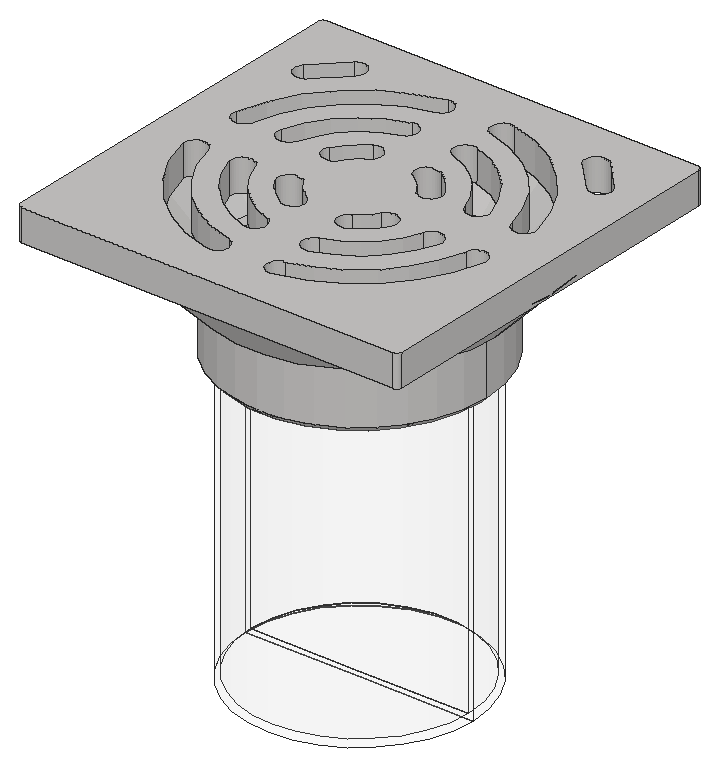
Revit family "PlumbingFixture_Drain_Galvin_DIS", category Plumbing Fixtures, host Face, Revit 2011
Parameters (values of type "DI4M06SX - ST/ST 316")
  URL = "www.galvinengineering.com.au"
  Type Comments = "Square"
  StyleOrType_ANZRS = "Drain"
  ModifiedIssue_ANZRS = 20140526.01  # constant formula
  Model = "DI4M06SX - ST/ST 316"
  Manufacturer = "Galvin Engineering"
  Keynote = "10800"
  Instructions = "http://www.galvinengineering.com.au/Installation_Guides_1.aspx"
  GrateMaterial = Metal_Drains_Stainless-Steel_15400
  FilterObject_ANZRS = "DISX"
  OutletRadius_DoNotEdit = 50 mm
  DimTop = 150 mm  # constant formula
  DimOutlet = if(OutletRadius_DoNotEdit > 0 mm, (OutletRadius_DoNotEdit * 2), (OutletRadius_DoNotEdit * 2))  # 100 mm
  DimGrateStrainer = 114 mm
  DimGrateHeight = 34 mm  # constant formula
  DimGrateDepth = 25 mm  # constant formula
  Description = "Square Industrial Trap Combination"
  Default Elevation = 0 mm
  CreatedBy_ANZRS = "Galvin Engineering"
  CreatedByURL_ANZRS = "www.galvinengineering.com.au"
  CreatedByPhoneNo_ANZRS = "61-8-92495900"
  Circulation_ANZRS = yes
  CHWFlow_ANZRS = 2.8 L/s
  BodyMaterial = Metal_Drains_Perforated_15400
  Assembly Code = "D2040200"
  Application = "PVC/HDPE/Cu"
Types (3, lengths in mm): name | Model | DimGrateStrainer
  (no name) | "DI4M06SX - ST/ST 316" | 114
  DI4M06SX - ST/ST 316 | "DI4M06SX - ST/ST 316" | 114
  DI4S06SX - ST/ST 316 | "DI4S06SX - ST/ST 316" | 95
Reference planes
  plane 1 "Center (Front/Back)": y = 0
  plane 2 "Face": z = 0
  plane 3 "Center (Left/Right)": x = 0
  plane 4 "Strainer": z = -59
  plane 5 "Bottom": z = -173
  plane 6 "GrateHeight": z = -34
  plane 7 "Left": x = -75
  plane 8 "Right": x = 75
Forms (mm)
  Revolve 1, solid, material "Metal_Drains_Stainless-Steel_15400" <- "GrateMaterial"
    sketch origin (0, 0, 0) x (1, 0, 0) y (0, 0, 1)
      loop
        line (50, -34) -> (53.721, -34) -> (74.5, -12.439) -> (71.722, -12.439) -> (52.871, -32) -> (48, -32) -> (48, -57) -> (42.876, -57) -> (42.876, -59) -> (48, -59) -> (50, -57) -> (50, -34)
      axis (0, -12.439) -> (0, -59)
    angle from 0 to 360
  Extrusion 2, solid, material "Metal_Drains_Stainless-Steel_15400" <- "GrateMaterial"
    sketch origin (0, 0, 0) x (1, 0, 0) y (0, 1, 0)
      loop
        line (-75, 73) -> (-75, -73)
        arc (-75, -73) -> (-74.414, -74.414) -> (-73, -75) r 2
        line (-73, -75) -> (73, -75)
        arc (73, -75) -> (74.414, -74.414) -> (75, -73) r 2
        line (75, -73) -> (75, 73)
        arc (75, 73) -> (74.414, 74.414) -> (73, 75) r 2
        line (73, 75) -> (-73, 75)
        arc (-73, 75) -> (-74.414, 74.414) -> (-75, 73) r 2
      loop
        arc (-50.375, 60.101) -> (-56.206, 54.673) -> (-61.457, 48.683) r 78.5
        arc (-61.457, 48.683) -> (-60.718, 42.362) -> (-54.397, 43.101) r 4.5
        arc (-54.397, 43.101) -> (-49.748, 48.405) -> (-44.585, 53.21) r 69.5
        arc (-44.585, 53.21) -> (-44.035, 59.55) -> (-50.375, 60.101) r 4.5
      loop
        arc (-12.942, 59.584) -> (-43.01, 43.134) -> (-59.46, 13.065) r 61
        arc (-59.46, 13.065) -> (-56.029, 7.706) -> (-50.669, 11.138) r 4.5
        arc (-50.669, 11.138) -> (-36.646, 36.77) -> (-11.014, 50.793) r 52
        arc (-11.014, 50.793) -> (-7.582, 56.153) -> (-12.942, 59.584) r 4.5
      loop
        arc (-12.808, 41.533) -> (-30.635, 30.759) -> (-41.409, 12.932) r 43.5
        arc (-41.409, 12.932) -> (-38.451, 7.298) -> (-32.816, 10.257) r 4.5
        arc (-32.816, 10.257) -> (-24.271, 24.395) -> (-10.133, 32.94) r 34.5
        arc (-10.133, 32.94) -> (-7.174, 38.574) -> (-12.808, 41.533) r 4.5
      loop
        arc (-13.222, 22.894) -> (-18.614, 18.738) -> (-22.77, 13.346) r 26.5
        arc (-22.77, 13.346) -> (-21.149, 7.192) -> (-14.995, 8.813) r 4.5
        arc (-14.995, 8.813) -> (-12.25, 12.374) -> (-8.689, 15.119) r 17.5
        arc (-8.689, 15.119) -> (-7.068, 21.273) -> (-13.222, 22.894) r 4.5
      loop
        arc (-59.46, -13.065) -> (-43.01, -43.134) -> (-12.942, -59.584) r 61
        arc (-12.942, -59.584) -> (-7.582, -56.153) -> (-11.014, -50.793) r 4.5
        arc (-11.014, -50.793) -> (-36.646, -36.77) -> (-50.669, -11.138) r 52
        arc (-50.669, -11.138) -> (-56.029, -7.706) -> (-59.46, -13.065) r 4.5
      loop
        arc (-41.409, -12.932) -> (-30.635, -30.759) -> (-12.808, -41.533) r 43.5
        arc (-12.808, -41.533) -> (-7.174, -38.574) -> (-10.133, -32.94) r 4.5
        arc (-10.133, -32.94) -> (-24.271, -24.395) -> (-32.816, -10.257) r 34.5
        arc (-32.816, -10.257) -> (-38.451, -7.298) -> (-41.409, -12.932) r 4.5
      loop
        arc (-22.77, -13.346) -> (-18.614, -18.738) -> (-13.222, -22.894) r 26.5
        arc (-13.222, -22.894) -> (-7.068, -21.273) -> (-8.689, -15.119) r 4.5
        arc (-8.689, -15.119) -> (-12.25, -12.374) -> (-14.995, -8.813) r 17.5
        arc (-14.995, -8.813) -> (-21.149, -7.192) -> (-22.77, -13.346) r 4.5
      loop
        arc (15.243, 8.813) -> (21.397, 7.192) -> (23.018, 13.346) r 4.5
        arc (23.018, 13.346) -> (18.862, 18.738) -> (13.47, 22.894) r 26.5
        arc (13.47, 22.894) -> (7.316, 21.273) -> (8.937, 15.119) r 4.5
        arc (8.937, 15.119) -> (12.498, 12.374) -> (15.243, 8.813) r 17.5
      loop
        arc (33.064, 10.257) -> (38.698, 7.298) -> (41.657, 12.932) r 4.5
        arc (41.657, 12.932) -> (30.883, 30.759) -> (13.056, 41.533) r 43.5
        arc (13.056, 41.533) -> (7.422, 38.574) -> (10.381, 32.94) r 4.5
        arc (10.381, 32.94) -> (24.519, 24.395) -> (33.064, 10.257) r 34.5
      loop
        arc (50.917, 11.138) -> (56.277, 7.706) -> (59.708, 13.065) r 4.5
        arc (59.708, 13.065) -> (43.257, 43.134) -> (13.189, 59.584) r 61
        arc (13.189, 59.584) -> (7.83, 56.153) -> (11.262, 50.793) r 4.5
        arc (11.262, 50.793) -> (36.893, 36.77) -> (50.917, 11.138) r 52
      loop
        arc (54.645, 43.101) -> (60.966, 42.362) -> (61.705, 48.683) r 4.5
        arc (61.705, 48.683) -> (56.454, 54.673) -> (50.623, 60.101) r 78.5
        arc (50.623, 60.101) -> (44.283, 59.55) -> (44.833, 53.21) r 4.5
        arc (44.833, 53.21) -> (49.996, 48.405) -> (54.645, 43.101) r 69.5
      loop
        arc (8.937, -15.119) -> (7.316, -21.273) -> (13.47, -22.894) r 4.5
        arc (13.47, -22.894) -> (18.862, -18.738) -> (23.018, -13.346) r 26.5
        arc (23.018, -13.346) -> (21.397, -7.192) -> (15.243, -8.813) r 4.5
        arc (15.243, -8.813) -> (12.498, -12.374) -> (8.937, -15.119) r 17.5
      loop
        arc (10.381, -32.94) -> (7.422, -38.574) -> (13.056, -41.533) r 4.5
        arc (13.056, -41.533) -> (30.883, -30.759) -> (41.657, -12.932) r 43.5
        arc (41.657, -12.932) -> (38.698, -7.298) -> (33.064, -10.257) r 4.5
        arc (33.064, -10.257) -> (24.519, -24.395) -> (10.381, -32.94) r 34.5
      loop
        arc (11.262, -50.793) -> (7.83, -56.153) -> (13.189, -59.584) r 4.5
        arc (13.189, -59.584) -> (43.257, -43.134) -> (59.708, -13.065) r 61
        arc (59.708, -13.065) -> (56.277, -7.706) -> (50.917, -11.138) r 4.5
        arc (50.917, -11.138) -> (36.893, -36.77) -> (11.262, -50.793) r 52
    from 0 to -12.439
  Revolve 3, solid, material "Metal_Drains_Perforated_15400" <- "BodyMaterial"
    sketch origin (0, 0, 0) x (1, 0, 0) y (0, 0, 1)
      loop
        line (44.876, -59) -> (42.876, -59) -> (42.876, -171) -> (0, -171) -> (0, -173) -> (44.876, -173) -> (44.876, -59)
      axis (0, -59) -> (0, -173)
    angle from 0 to 360
  Revolve 4, void
    sketch origin (0, 0, 0) x (1, 0, 0) y (0, 0, 1)
      loop
        line (50, -34) -> (53.721, -34) -> (74.5, -12.439) -> (0, -12.439) -> (0, -173) -> (44.876, -173) -> (44.876, -59) -> (48, -59) -> (50, -57) -> (50, -34)
      axis (0, -12.439) -> (0, -173)
    angle from 0 to 360
  Extrusion 5, void
    sketch origin (0, 0, 0) x (1, 0, 0) y (0, 1, 0)
      loop
        line (-75, 73) -> (-75, -73)
        arc (-75, -73) -> (-74.414, -74.414) -> (-73, -75) r 2
        line (-73, -75) -> (73, -75)
        arc (73, -75) -> (74.414, -74.414) -> (75, -73) r 2
        line (75, -73) -> (75, 73)
        arc (75, 73) -> (74.414, 74.414) -> (73, 75) r 2
        line (73, 75) -> (-73, 75)
        arc (-73, 75) -> (-74.414, 74.414) -> (-75, 73) r 2
    from 0 to -12.439
Lines and regions (mm)
  symbolic lines, style "Waste Outlets"
    curve 1: line (66.124, 68, 0) -> (-65, 68, 0)
    curve 2: arc (-65, 68, 0) -> (-67.121, 67.121, 0) -> (-68, 65, 0) r 3
    curve 3: line (-68, 65, 0) -> (-68, -65, 0)
    curve 4: arc (-68, -65, 0) -> (-67.121, -67.121, 0) -> (-65, -68, 0) r 3
    curve 5: line (-65, -68, 0) -> (66.124, -68, 0)
    curve 6: arc (66.124, -68, 0) -> (67.807, -66.966, 0) -> (68, -65, 0) r 2.22
    curve 7: line (68, -65, 0) -> (68, 65, 0)
    curve 8: arc (68, 65, 0) -> (67.807, 66.966, 0) -> (66.124, 68, 0) r 2.22
    curve 10: circle (-58.876, -59, 0) r 5.67 normal (0, 0, 1)
    curve 12: circle (59.124, -59, 0) r 5.67 normal (0, 0, 1)
  symbolic lines, style "Waste Outlets", detail levels fine
    curve 9: line (-66.936, 65.5, 0) -> (67, 65.5, 0)
    curve 14: line (67, -65, 0) -> (67, 65.5, 0)
    curve 15: line (-65, -67, 0) -> (66.124, -67, 0)
    curve 16: arc (66.124, -67, 0) -> (67.099, -66.235, 0) -> (67, -65, 0) r 1.31
    curve 17: arc (-67, -65, 0) -> (-66.414, -66.414, 0) -> (-65, -67, 0) r 2
    curve 18: line (-67, 65, 0) -> (-67, -65, 0)
  symbolic lines, style "Waste Outlets", detail levels medium+fine
    curve 11: circle (-58.876, -59, 0) r 2.31 normal (0, 0, 1)
    curve 13: circle (59.124, -59, 0) r 2.31 normal (0, 0, 1)
Dimensions and locks
  "DimGrateStrainer": plane 4 "Strainer" to plane 5 "Bottom"
  "DimGrateHeight": plane 2 "Face" to plane 6 "GrateHeight"
  "DimGrateDepth": plane 6 "GrateHeight" to plane 4 "Strainer"
  "DimTop": plane 7 "Left" to plane 8 "Right"
  aligned and locked: plane 2 "Face" to host face
  aligned and locked: level to host face
  aligned and locked: Revolve 3 to plane 4 "Strainer"
  aligned and locked: plane 5 "Bottom" to Revolve 3 sketch curve
  aligned and locked: Revolve 4 sketch curve to plane 5 "Bottom"
Automatic sketch dimensions
  curve 4 to curve 17 = 0 mm  (x2)
  curve 10 to curve 11 = 0 mm  (x2)
  curve 12 to curve 13 = 0 mm  (x2)
  curve 3 to plane 3 "Center (Left/Right)" = 68 mm
  curve 2 to curve 18 = 1 mm
  curve 18 to curve 9 = 0.064 mm
  curve 17 to curve 4 = 2 mm
  curve 9 to curve 2 = 1.936 mm
  curve 4 to curve 11 = 6.124 mm
  plane 3 "Center (Left/Right)" to curve 13 = 59.124 mm
  curve 12 to curve 16 = 6.774 mm
  plane 3 "Center (Left/Right)" to curve 8 = 65.924 mm
  curve 16 to curve 6 = 0.026 mm
  curve 8 to curve 8 = 0.2 mm
  curve 6 to curve 16 = 0.2 mm
  curve 5 to curve 16 = 0 mm
  curve 16 to curve 14 = 1.102 mm
  curve 14 to curve 7 = 1 mm
  plane 1 "Center (Front/Back)" to curve 5 = 68 mm
  curve 15 to curve 6 = 1.211 mm
  curve 6 to curve 16 = 0.079 mm
  curve 16 to curve 13 = 6.709 mm
  curve 4 to curve 10 = 6 mm
  curve 7 to plane 1 "Center (Front/Back)" = 65 mm
  curve 2 to plane 1 "Center (Front/Back)" = 65 mm
  curve 2 to curve 18 = 0 mm
  curve 18 to curve 9 = 0.5 mm
  host sketch curve to host sketch curve = 400 mm  (x2)
  Revolve 1 sketch curve to plane 3 "Center (Left/Right)" = 0 mm
  Revolve 1 sketch curve to plane 4 "Strainer" = 0 mm
  plane 3 "Center (Left/Right)" to Revolve 1 sketch curve = 42.876 mm
  Revolve 1 sketch curve to plane 4 "Strainer" = 2 mm  (x2)
  Revolve 1 sketch curve to Revolve 1 sketch curve = 5.124 mm
  Revolve 1 sketch curve to Revolve 1 sketch curve = 0 mm
  Revolve 1 sketch curve to Revolve 1 sketch curve = 2 mm  (x2)
  Revolve 1 sketch curve to Revolve 1 sketch curve = 2.871 mm
  Revolve 1 sketch curve to Revolve 1 sketch curve = 0.85 mm
  Revolve 1 sketch curve to level = 12.439 mm
  Revolve 1 sketch curve to Revolve 1 sketch curve = 18.852 mm
  Revolve 1 sketch curve to Revolve 1 sketch curve = 2.778 mm
  plane 4 "Strainer" to Revolve 1 sketch curve = 8.509 mm
  Revolve 1 sketch curve to Revolve 1 sketch curve = 23 mm
  level to Revolve 1 sketch curve = 17.491 mm
  Extrusion 2 sketch curve to Extrusion 2 sketch curve = 0 mm  (x800)
  plane 1 "Center (Front/Back)" to Extrusion 2 sketch curve = 0 mm
  Extrusion 2 sketch curve to plane 3 "Center (Left/Right)" = 75 mm
  Extrusion 2 sketch curve to Extrusion 2 sketch curve = 2 mm  (x3)
  Extrusion 2 sketch curve to Extrusion 2 sketch curve = 11.543 mm
  Extrusion 2 sketch curve to Extrusion 2 sketch curve = 1.997 mm
  Extrusion 2 sketch curve to Extrusion 2 sketch curve = 3.53 mm  (x2)
  Extrusion 2 sketch curve to Extrusion 2 sketch curve = 4.396 mm  (x4)
  Extrusion 2 sketch curve to Extrusion 2 sketch curve = 11.082 mm
  Extrusion 2 sketch curve to Extrusion 2 sketch curve = 2.895 mm  (x2)
  Extrusion 2 sketch curve to Extrusion 2 sketch curve = 9.26 mm  (x4)
  Extrusion 2 sketch curve to Extrusion 2 sketch curve = 4.297 mm  (x4)
  Extrusion 2 sketch curve to Extrusion 2 sketch curve = 10.046 mm  (x4)
  Extrusion 2 sketch curve to Extrusion 2 sketch curve = 3.888 mm  (x4)
  Extrusion 2 sketch curve to Extrusion 2 sketch curve = 5.66 mm  (x2)
  Extrusion 2 sketch curve to plane 3 "Center (Left/Right)" = 12.942 mm  (x2)
  Extrusion 2 sketch curve to Extrusion 2 sketch curve = 1.795 mm  (x6)
  Extrusion 2 sketch curve to Extrusion 2 sketch curve = 0.964 mm  (x4)
  Extrusion 2 sketch curve to Extrusion 2 sketch curve = 1.338 mm  (x4)
  Extrusion 2 sketch curve to Extrusion 2 sketch curve = 2.266 mm  (x4)
  plane 3 "Center (Left/Right)" to Extrusion 2 sketch curve = 8.937 mm  (x2)
  plane 3 "Center (Left/Right)" to Extrusion 2 sketch curve = 10.381 mm  (x2)
  plane 3 "Center (Left/Right)" to Extrusion 2 sketch curve = 11.262 mm  (x2)
  Extrusion 2 sketch curve to Extrusion 2 sketch curve = 6.305 mm  (x2)
  Extrusion 2 sketch curve to Extrusion 2 sketch curve = 31.644 mm
  Extrusion 2 sketch curve to Extrusion 2 sketch curve = 9.812 mm
  Extrusion 2 sketch curve to Extrusion 2 sketch curve = 59.811 mm
  Extrusion 2 sketch curve to Extrusion 2 sketch curve = 22.377 mm
  plane 1 "Center (Front/Back)" to Extrusion 2 sketch curve = 8.813 mm  (x2)
  plane 1 "Center (Front/Back)" to Extrusion 2 sketch curve = 10.257 mm  (x2)
  Extrusion 2 sketch curve to Extrusion 2 sketch curve = 59.935 mm
  Extrusion 2 sketch curve to plane 1 "Center (Front/Back)" = 8.813 mm  (x2)
  Extrusion 2 sketch curve to plane 1 "Center (Front/Back)" = 10.257 mm  (x2)
  Extrusion 2 sketch curve to Extrusion 2 sketch curve = 30.036 mm  (x2)
  Extrusion 2 sketch curve to Extrusion 2 sketch curve = 12.899 mm
  Revolve 3 sketch curve to plane 3 "Center (Left/Right)" = 0 mm  (x2)
  Revolve 3 sketch curve to plane 4 "Strainer" = 0 mm
  plane 3 "Center (Left/Right)" to Revolve 3 sketch curve = 42.876 mm
  Revolve 3 sketch curve to Revolve 3 sketch curve = 2 mm  (x2)
  plane 4 "Strainer" to Revolve 3 sketch curve = 38.509 mm
  Revolve 3 sketch curve to Revolve 3 sketch curve = 21.509 mm
  Revolve 4 sketch curve to plane 3 "Center (Left/Right)" = 0 mm  (x2)
  plane 3 "Center (Left/Right)" to Revolve 4 sketch curve = 44.876 mm
  Revolve 4 sketch curve to Revolve 4 sketch curve = 3.124 mm
  Revolve 4 sketch curve to plane 4 "Strainer" = 2 mm
  plane 4 "Strainer" to Revolve 4 sketch curve = 8.509 mm
  Revolve 4 sketch curve to Revolve 4 sketch curve = 23 mm
  level to Revolve 4 sketch curve = 17.491 mm
  Revolve 4 sketch curve to plane 4 "Strainer" = 0 mm
  Revolve 4 sketch curve to Revolve 4 sketch curve = 2 mm
  Revolve 4 sketch curve to Revolve 4 sketch curve = 3.721 mm
  Revolve 4 sketch curve to level = 12.439 mm
  Revolve 4 sketch curve to Revolve 4 sketch curve = 20.779 mm
  Extrusion 5 sketch curve to plane 3 "Center (Left/Right)" = 75 mm
  Extrusion 5 sketch curve to Extrusion 5 sketch curve = 2 mm  (x3)
  plane 3 "Center (Left/Right)" to Extrusion 5 sketch curve = 73 mm  (x2)
  plane 1 "Center (Front/Back)" to Extrusion 5 sketch curve = 75 mm
  Extrusion 5 sketch curve to plane 1 "Center (Front/Back)" = 73 mm
  radius of curve 10 = 5.67 mm
  radius of curve 11 = 2.31 mm
  radius of curve 12 = 5.67 mm
  radius of curve 13 = 2.31 mm
Connectors
  piping at (0, 0, -59), driven by "OutletRadius_DoNotEdit"
    settings: on Revolve 1, index 1, connector radius 1.9685", flow factor 0, pipe flow 0.0 L/s, pressure drop 0.00 psi, fitting loss kfactor 0, connector angle 0.00°, fixture units 0, engagement length 0 mm, flow configuration 0, flow direction 0, fitting loss method 0, system type 28, joint type 0, gender type 0, connector reference index -1, connector utility 0, adjustable connector no, is connector primary yes, fitting loss table "", connector description ""
